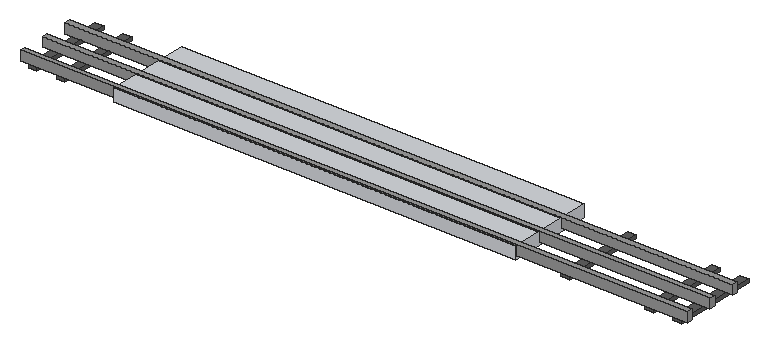
Revit family "1112-3, Veneer", category Generic Models, host Face, Revit 2020
Family settings
  Host = Face
  Can host rebar = No
  Round Connector Dimension = Use Diameter
  Part Type = Normal
  Cut with Voids When Loaded = No
  Shared = No
  Room Calculation Point = No
Parameters
  min_value [instance] = 1' - 11 1/4"  # constant formula
  max_value [instance] = 9' - 11 1/4"  # constant formula
  actual_value [instance] = if(NET LENGTH < min_value, min_value, if(NET LENGTH > max_value, max_value, NET LENGTH))  # 7' - 11 1/4"
  NET LENGTH [instance] = 7' - 11 1/4"
  Default Elevation = 4' - 0"
  BACKER MATERIAL [instance] = BLACK-BACKERS
  .. MEMBER WIDTH [instance] = 0' - 0 3/4"  # constant formula
  .. MEMBER MATERIAL [instance] = Veneer Cherry
  .. MEMBER LENGTH [instance] = actual_value  # 7' - 11 1/4"
  .. MEMBER DEPTH [instance] = 0' - 1 3/8"  # constant formula
  .. MEMBER COUNT [instance] = 3  # constant formula
  IMPORTANT NOTE!!!                                                                             *Backer layout is for visualization purposes only, final layout to be determined by 9Wood. [instance] = ""
Reference planes (in)
  plane 1 "Center (Front/Back)": y = 0
  plane 2: z = 1.82209
  plane 3 "Center (Left/Right)": x = 0
Forms (in)
  Extrusion 1, solid
    sketch origin (132, -33.80483, 0) x (1, 0, 0) y (0, 1, 0)
      loop
        line (-118.625, 33.80483) -> (-61.26146, 33.80483) -> (-61.26146, 45.86733) -> (-118.625, 45.86733) -> (-118.625, 33.80483)
    from 1.82209 to 0
Dimensions and locks (in)
  aligned and locked: Extrusion 1 to plane 2
  aligned and locked: plane 3 "Center (Left/Right)" to nested 1
Nested families (in)
  nested 1: "1100 SERIES CONFIG" at (0, 2, 0), .. MEMBER DEPTH <- ".. MEMBER DEPTH", .. MEMBER LENGTH <- ".. MEMBER LENGTH", .. MEMBER WIDTH <- ".. MEMBER WIDTH", .. MEMBER MATERIAL <- ".. MEMBER MATERIAL", BACKING M MATERIAL <- "BACKER MATERIAL", .. MEMBER COUNT <- ".. MEMBER COUNT", type "1100 SERIES CONFIG"
    with X 7' - 8", SCRIM OVERHANG 2 0' - 0 3/32", SCRIM OVERHANG 0' - 0 7/8", SCRIM LENGTH 8' - 1", SCRIM  MATERIAL SCRIM, SCRIM no, NOMINAL LENGTH 7, N 8, Inset 6' - 0 3/8", INSET 0' - 1", INDEX 0' - 5 5/8", HALF MEMBER WIDTH 0' - 0 3/8", HALF LENGTH 3' - 11 5/8", END BACKER yes, BACKING M WIDTH 0' - 1 1/4", BACKING M OC SPACING 1' - 0", BACKING M MATERIAL BLACK-BACKERS, BACKING M LENGTH 0' - 11 7/8", BACKING M DEPTH 0' - 0 1/2", BACKING M COUNT 8, 3/16" INSET 0' - 0 3/16", .. MEMBER WIDTH 0' - 0 3/4", .. MEMBER OC SPACING 0' - 4", .. MEMBER MATERIAL Veneer Cherry, .. MEMBER LENGTH 7' - 11 1/4", .. MEMBER DEPTH 0' - 1 3/8", .. MEMBER COUNT 3
Definition of nested family "1100 SERIES CONFIG"
  Parameters (values of type "1100 SERIES CONFIG")
    X [instance] = .. MEMBER LENGTH - 0' 3 1/4"  # 5' - 5"
    SCRIM OVERHANG 2 [instance] = 0' - 0 3/32"  # constant formula
    SCRIM OVERHANG [instance] = 0' - 0 7/8"  # constant formula
    SCRIM LENGTH [instance] = .. MEMBER LENGTH + (SCRIM OVERHANG * 2)  # 5' - 10"
    SCRIM  MATERIAL [instance] = none
    SCRIM [instance] = yes
    NOMINAL LENGTH [instance] = 7
    N [instance] = if((X - (rounddown(X / 1' 0") * 1' 0")) > 1' 0", rounddown(X / 1' 0") + 2, rounddown(X / 1' 0") + 1)  # 6
    Inset [instance] = 6' - 0 3/8"  # constant formula
    INSET [instance] = 0' - 1"  # constant formula
    END BACKER [instance] = INDEX > 0' 3 5/8"  # yes
    INDEX [instance] = (.. MEMBER LENGTH - ((N - 1) * 1' 0")) / 2  # 0' - 4 1/8"
    HALF MEMBER WIDTH [instance] = .. MEMBER WIDTH / 2  # 0' - 0 5/16"
    HALF LENGTH [instance] = .. MEMBER LENGTH / 2  # 2' - 10 1/8"
    Default Elevation = 0' - 0"
    BACKING M WIDTH [instance] = 0' - 1 1/4"
    BACKING M SPACING = 3' - 3"
    BACKING M MATERIAL [instance] = none
    BACKING M LENGTH [instance] = 0' - 11 7/8"
    BACKING M DEPTH [instance] = 0' - 0 1/2"
    BACKING M COUNT [instance] = N  # 6
    BACKING M OC SPACING [instance] = 1' - 0"  # constant formula
    3/16" INSET [instance] = 0' - 0 3/16"  # constant formula
    .. MEMBER WIDTH [instance] = 0' - 0 5/8"
    .. MEMBER OC SPACING [instance] = 1' 0" / .. MEMBER COUNT  # 0' - 4"
    .. MEMBER MATERIAL [instance] = none
    .. MEMBER LENGTH [instance] = 5' - 8 1/4"
    .. MEMBER DEPTH [instance] = 0' - 1 3/8"
    .. MEMBER COUNT [instance] = 3
  Reference planes (in)
    plane 1 "Center (Front/Back)": y = -2
    plane 2: z = 0
    plane 3 "Center (Left/Right)": x = 0
    plane 4: x = 1
    plane 5: x = 4.125
    plane 6: x = 34.125
    plane 7: x = 68.25
    plane 8: x = 67.25
    plane 9: x = 16.125
    plane 10: y = -1.8125
    plane 11: y = -1.6875
    plane 12: y = 2.3125
    plane 13: x = 69.125
    plane 14: x = -0.875
    plane 15: z = 0.5
    plane 16: z = 0.5625
    plane 17: y = 10.0625
    plane 18: y = 10.15625
    plane 19: y = -2.09375
  Dimensions and locks (in)
    "INSET": plane 3 "Center (Left/Right)" to plane 4
    "INDEX": plane 3 "Center (Left/Right)" to plane 5
    "HALF LENGTH": plane 3 "Center (Left/Right)" to plane 6
    ".. MEMBER LENGTH": plane 3 "Center (Left/Right)" to plane 7
    "INSET": plane 8 to plane 7
    equal spacing: group 2, group 3, group 6, group 7, group 8, group 9  (x3)
    "3/16" INSET": plane 1 "Center (Front/Back)" to plane 10
    ".. MEMBER OC SPACING": plane 12 to plane 11
    "SCRIM OVERHANG": plane 14 to plane 3 "Center (Left/Right)"
    "SCRIM OVERHANG": plane 7 to plane 13
    equal spacing: group 1, group 4, group 5  (x2)
    equal spacing: group 5, group 4, group 1
    "HALF MEMBER WIDTH": plane 1 "Center (Front/Back)" to plane 11
    "BACKING M OC SPACING": plane 5 to plane 9
    "SCRIM OVERHANG 2": plane 18 to plane 17
    "SCRIM OVERHANG 2": plane 19 to plane 1 "Center (Front/Back)"
    aligned and locked: level to plane 2
    aligned and locked: plane 6 to nested 1
    aligned and locked: nested 2 to plane 4
    aligned and locked: plane 5 to nested 3
    aligned and locked: plane 1 "Center (Front/Back)" to nested 1
    aligned and locked: nested 2 to plane 10
    aligned and locked: nested 3 to plane 10
    aligned and locked: nested 5 to plane 10
    aligned and locked: nested 4 to plane 10
    aligned and locked: nested 6 to plane 14
    aligned and locked: plane 12 to nested 7
    aligned and locked: nested 7 to plane 3 "Center (Left/Right)"
    aligned and locked: plane 9 to nested 5
    aligned and locked: plane 8 to nested 4
    aligned and locked: plane 15 to nested 2
    aligned and locked: nested 6 to plane 15
    aligned and locked: nested 1 to plane 16
    aligned and locked: nested 7 to plane 16
    aligned and locked: nested 6 to plane 19
  Nested families (in)
    nested 1: "INSTANCE - Parametric Cube" at (34.125, -1.6875, 1.9375), Length <- ".. MEMBER WIDTH", Height <- ".. MEMBER DEPTH", Width <- ".. MEMBER LENGTH", Material <- ".. MEMBER MATERIAL", type "INSTANCE - Parametric Cube"
      with Width 5' - 8 1/4", Material none, Length 0' - 0 5/8", Height 0' - 1 3/8"
    nested 2: "2ND INSTANCE - Parametric Cube" at (1.625, 4.125, 0), Height <- "BACKING M DEPTH", Length <- "BACKING M LENGTH", Width <- "BACKING M WIDTH", Material <- "BACKING M MATERIAL", visible <- "END BACKER", type "2ND INSTANCE - Parametric Cube"
      with Width 0' - 1 1/4", Material none, Length 0' - 11 7/8", Height 0' - 0 1/2"
    nested 3: "2ND INSTANCE - Parametric Cube" at (4.125, 4.125, 0), Length <- "BACKING M LENGTH", Height <- "BACKING M DEPTH", Width <- "BACKING M WIDTH", Material <- "BACKING M MATERIAL", type "2ND INSTANCE - Parametric Cube"
      with Width 0' - 1 1/4", Material none, Length 0' - 11 7/8", Height 0' - 0 1/2"
    nested 4: "2ND INSTANCE - Parametric Cube" at (66.625, 4.125, 0), Width <- "BACKING M WIDTH", Length <- "BACKING M LENGTH", Height <- "BACKING M DEPTH", Material <- "BACKING M MATERIAL", visible <- "END BACKER", type "2ND INSTANCE - Parametric Cube"
      with Width 0' - 1 1/4", Material none, Length 0' - 11 7/8", Height 0' - 0 1/2"
    nested 5: "2ND INSTANCE - Parametric Cube" at (16.125, 4.125, 0), Length <- "BACKING M LENGTH", Height <- "BACKING M DEPTH", Width <- "BACKING M WIDTH", Material <- "BACKING M MATERIAL", type "2ND INSTANCE - Parametric Cube"
      with Width 0' - 1 1/4", Material none, Length 0' - 11 7/8", Height 0' - 0 1/2"
    nested 6: "3RD INSTANCE - Parametric Cube" at (34.125, 4.0445, 0.5), Width <- "SCRIM LENGTH", Material <- "SCRIM  MATERIAL", visible <- "SCRIM", type "3RD INSTANCE - Parametric Cube"
      with Width 5' - 10", Material none, Length 1' - 0.27649", Height 0' - 0 1/16"
    nested 7: "INSTANCE - Parametric Cube" at (34.125, 2.3125, 1.9375), Length <- ".. MEMBER WIDTH", Height <- ".. MEMBER DEPTH", Width <- ".. MEMBER LENGTH", Material <- ".. MEMBER MATERIAL", type "INSTANCE - Parametric Cube"
      with Width 5' - 8 1/4", Material none, Length 0' - 0 5/8", Height 0' - 1 3/8"
    nested 8: "INSTANCE - Parametric Cube" at (34.125, 6.3125, 1.9375), Length <- ".. MEMBER WIDTH", Height <- ".. MEMBER DEPTH", Width <- ".. MEMBER LENGTH", Material <- ".. MEMBER MATERIAL", type "INSTANCE - Parametric Cube"
      with Width 5' - 8 1/4", Material none, Length 0' - 0 5/8", Height 0' - 1 3/8"
    nested 9: "2ND INSTANCE - Parametric Cube" at (28.125, 4.125, 0), Length <- "BACKING M LENGTH", Height <- "BACKING M DEPTH", Width <- "BACKING M WIDTH", Material <- "BACKING M MATERIAL", type "2ND INSTANCE - Parametric Cube"
      with Width 0' - 1 1/4", Material none, Length 0' - 11 7/8", Height 0' - 0 1/2"
    nested 10: "2ND INSTANCE - Parametric Cube" at (40.125, 4.125, 0), Length <- "BACKING M LENGTH", Height <- "BACKING M DEPTH", Width <- "BACKING M WIDTH", Material <- "BACKING M MATERIAL", type "2ND INSTANCE - Parametric Cube"
      with Width 0' - 1 1/4", Material none, Length 0' - 11 7/8", Height 0' - 0 1/2"
    nested 11: "2ND INSTANCE - Parametric Cube" at (52.125, 4.125, 0), Length <- "BACKING M LENGTH", Height <- "BACKING M DEPTH", Width <- "BACKING M WIDTH", Material <- "BACKING M MATERIAL", type "2ND INSTANCE - Parametric Cube"
      with Width 0' - 1 1/4", Material none, Length 0' - 11 7/8", Height 0' - 0 1/2"
    nested 12: "2ND INSTANCE - Parametric Cube" at (64.125, 4.125, 0), Length <- "BACKING M LENGTH", Height <- "BACKING M DEPTH", Width <- "BACKING M WIDTH", Material <- "BACKING M MATERIAL", type "2ND INSTANCE - Parametric Cube"
      with Width 0' - 1 1/4", Material none, Length 0' - 11 7/8", Height 0' - 0 1/2"
  Definition of nested family "INSTANCE - Parametric Cube"
    Parameters (values of type "INSTANCE - Parametric Cube")
      Width [instance] = 0' - 6"
      Material [instance] = none
      Length [instance] = 1' - 0"
      Height [instance] = 1' - 6"
      Default Elevation = 0' - 0"
    Reference planes (in)
      plane 1 "Center (Front/Back)": y = 0
      plane 2: z = 0
      plane 3 "Center (Left/Right)": x = 0
      plane 4: x = -3
      plane 5: x = 3
      plane 6: y = 6
      plane 7: y = -6
      plane 8: z = -18
    Forms (in)
      Extrusion 1, solid, material <- "Material"
        sketch origin (0, 0, 0) x (1, 0, 0) y (0, 1, 0)
          loop
            line (-3, 6) -> (-3, -6) -> (3, -6) -> (3, 6) -> (-3, 6)
        from -18 to 0
    Dimensions and locks (in)
      equal spacing: plane 4, plane 3 "Center (Left/Right)", plane 5
      equal spacing: plane 6, plane 1 "Center (Front/Back)", plane 7
      "Length": plane 6 to plane 7
      "Width": plane 4 to plane 5
      "Height": plane 8 to level
      aligned and locked: plane 2 to level
      aligned and locked: Extrusion 1 sketch curve to plane 6
      aligned and locked: plane 4 to Extrusion 1 sketch curve
      aligned and locked: plane 7 to Extrusion 1 sketch curve
      aligned and locked: Extrusion 1 sketch curve to plane 5
      aligned and locked: Extrusion 1 to plane 8
  Definition of nested family "2ND INSTANCE - Parametric Cube"
    Parameters (values of type "2ND INSTANCE - Parametric Cube")
      Width [instance] = 0' - 6"
      Material [instance] = none
      Length [instance] = 1' - 0"
      Height [instance] = 1' - 6"
      Default Elevation = 0' - 0"
    Reference planes (in)
      plane 1 "Center (Front/Back)": y = 0
      plane 2: z = 0
      plane 3 "Center (Left/Right)": x = 0
      plane 4: x = -3
      plane 5: x = 3
      plane 6: y = 6
      plane 7: y = -6
      plane 8: z = 18
    Forms (in)
      Extrusion 1, solid, material <- "Material"
        sketch origin (0, 0, 0) x (1, 0, 0) y (0, 1, 0)
          loop
            line (-3, 6) -> (-3, -6) -> (3, -6) -> (3, 6) -> (-3, 6)
        from 0 to 18
    Dimensions and locks (in)
      equal spacing: plane 4, plane 3 "Center (Left/Right)", plane 5
      equal spacing: plane 6, plane 1 "Center (Front/Back)", plane 7
      "Length": plane 6 to plane 7
      "Width": plane 4 to plane 5
      "Height": level to plane 8
      aligned and locked: plane 2 to level
      aligned and locked: Extrusion 1 sketch curve to plane 6
      aligned and locked: plane 4 to Extrusion 1 sketch curve
      aligned and locked: plane 7 to Extrusion 1 sketch curve
      aligned and locked: Extrusion 1 sketch curve to plane 5
      aligned and locked: plane 8 to Extrusion 1
      aligned and locked: Extrusion 1 to level
  Definition of nested family "3RD INSTANCE - Parametric Cube"
    Parameters (values of type "3RD INSTANCE - Parametric Cube")
      Width [instance] = 0' - 6"
      Material [instance] = none
      Length [instance] = 1' - 0"
      Height [instance] = 1' - 6"
      Default Elevation = 0' - 0"
    Reference planes (in)
      plane 1 "Center (Front/Back)": y = 0
      plane 2: z = 0
      plane 3 "Center (Left/Right)": x = 0
      plane 4: x = -3
      plane 5: x = 3
      plane 6: y = 6
      plane 7: y = -6
      plane 8: z = 18
    Forms (in)
      Extrusion 1, solid, material <- "Material"
        sketch origin (0, 0, 0) x (1, 0, 0) y (0, 1, 0)
          loop
            line (-3, 6) -> (-3, -6) -> (3, -6) -> (3, 6) -> (-3, 6)
        from 0 to 18
    Dimensions and locks (in)
      equal spacing: plane 4, plane 3 "Center (Left/Right)", plane 5
      equal spacing: plane 6, plane 1 "Center (Front/Back)", plane 7
      "Length": plane 6 to plane 7
      "Width": plane 4 to plane 5
      "Height": level to plane 8
      aligned and locked: plane 2 to level
      aligned and locked: Extrusion 1 sketch curve to plane 6
      aligned and locked: plane 4 to Extrusion 1 sketch curve
      aligned and locked: plane 7 to Extrusion 1 sketch curve
      aligned and locked: Extrusion 1 sketch curve to plane 5
      aligned and locked: plane 8 to Extrusion 1
      aligned and locked: Extrusion 1 to level
